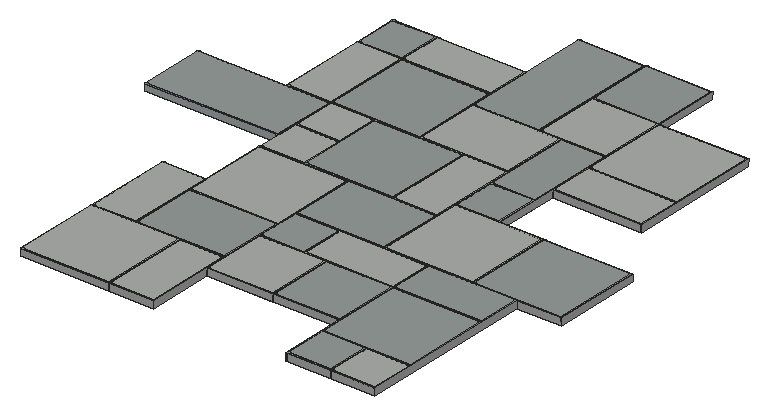
Revit family "9af5c458-e024-4ac5-85c6-063342da6070", category Site, Revit 2016
Family settings
  Part Type = Normal
  Round Connector Dimension = Use Diameter
  Work Plane-Based = No
  Always vertical = Yes
  Cut with Voids When Loaded = No
  Shared = No
Parameters (values of type "1400 Color Option 1")
  Width = 133 29/128"  # constant formula
  URL = "stepstoneinc.com"
  Type Image = <None>
  Type Comments = ""
  Surface Finish = "Integral"  # constant formula
  Subcategory = "CalArc Pavers"  # constant formula
  Revit Object Download Link = "http://library.smartbim.com/download/Paver-Assembly-Calarc_Pavers-Stepstone-Ashlar_Pattern/"
  Product Page URL = "http://www.stepstoneinc.com/pavers-calarc-brochure.php"
  Paver B Pattern = Concrete - Stepstone - Porcelain1413
  Paver A Pattern = Concrete - Stepstone - French1404
  Model = "Ashlar Pattern"  # constant formula
  Manufacturer Toll Free Phone = "800.572.9029"  # constant formula
  Manufacturer Phone = "310.327.7474"  # constant formula
  Manufacturer Fax = "310.217.1424"  # constant formula
  Manufacturer Email = "mailto:sales@stepstoneinc.com"
  Manufacturer Address = "13246 S Figueroa St, Los Angeles 9006"  # constant formula
  Manufacturer = "Stepstone, Inc."  # constant formula
  Keynote = ""
  Description = "Ashlar Pattern Guide"  # constant formula
  Depth = 145 11/16"  # constant formula
  Assembly Code = ""
Types (3): name | Revit Object Download Link | Paver B Pattern | Paver A Pattern
  (no name) | "http://library.smartbim.com/download/Paver-Assembly-Calarc_Pavers-Stepstone-Ashlar_Pattern" | Concrete - Stepstone - Porcelain1813 | Concrete - Stepstone - French1804
  1800 Color Option 1 | "http://library.smartbim.com/download/Paver-Assembly-Calarc_Pavers-Stepstone-Ashlar_Pattern" | Concrete - Stepstone - Porcelain1813 | Concrete - Stepstone - French1804
  1400 Color Option 1 | "http://library.smartbim.com/download/Paver-Assembly-Calarc_Pavers-Stepstone-Ashlar_Pattern/" | Concrete - Stepstone - Porcelain1413 | Concrete - Stepstone - French1404
Reference planes (in)
  plane 1 "Center (Front/Back)": y = 0
  plane 2: z = 0
  plane 3 "Center (Left/Right)": x = 0
  plane 4: y = 54.0625
  plane 5: y = -90.375
  plane 6: x = -69.125
  plane 7: x = 63.1875
  plane 8: z = 2
  plane 9: y = 36
  plane 10: x = 27.125
  plane 11: y = -72.375
  plane 12: x = -33.125
  plane 13: x = -9
  plane 14: x = 9
  plane 15: x = -9.125
  plane 16: x = -9
Forms (in)
  Extrusion 1, solid, material "Grout - Dark Gray"
    sketch origin (0, 0, 0) x (1, 0, 0) y (0, 0, 1)
      loop
        line (8.9541, 1.87815) -> (9, 0) -> (9.0625, 0) -> (9.1084, 1.87815) -> (8.9541, 1.87815)
    from -54 to -18
  Extrusion 2, solid, material "Grout - Dark Gray"
    sketch origin (0, 0, 0) x (1, 0, 0) y (0, 0, 1)
      loop
        line (27.0625, 0) -> (27.125, 0) -> (27.1709, 1.87815) -> (27.0166, 1.87815) -> (27.0625, 0)
    from -54 to 18.2334
  Extrusion 3, solid, material "Grout - Dark Gray"
    sketch origin (0, 0, 0) x (0, 1, 0) y (0, 0, 1)
      loop
        line (11.9375, 0) -> (12, 0) -> (12.0459, 1.87815) -> (11.8916, 1.87815) -> (11.9375, 0)
    from 27.125 to 51.125
  Extrusion 4, solid, material "Grout - Dark Gray"
    sketch origin (0, 0, 0) x (0, 1, 0) y (0, 0, 1)
      loop
        line (18.0459, 1.87815) -> (17.8916, 1.87815) -> (17.9375, 0) -> (18, 0) -> (18.0459, 1.87815)
    from -9 to 27.125
  Extrusion 5, solid, material "Grout - Dark Gray"
    sketch origin (0, 0, 0) x (0, 1, 0) y (0, 0, 1)
      loop
        line (-6.0166, 1.87815) -> (-6.1709, 1.87815) -> (-6.125, 0) -> (-6.0625, 0) -> (-6.0166, 1.87815)
    from 15.0625 to 27.0625
  Extrusion 6, solid, material "Grout - Dark Gray"
    sketch origin (0, 0, 0) x (1, 0, 0) y (0, 0, 1)
      loop
        line (39.0166, 1.87815) -> (39.0625, 0) -> (39.125, 0) -> (39.1709, 1.87815) -> (39.0166, 1.87815)
    from 18.1875 to 42.1875
  Extrusion 7, solid, material "Grout - Dark Gray"
    sketch origin (0, 0, 0) x (0, 1, 0) y (0, 0, 1)
      loop
        line (-18.0791, 1.87815) -> (-18.2334, 1.87815) -> (-18.1875, 0) -> (-18.125, 0) -> (-18.0791, 1.87815)
    from 15.0625 to 63.0791
  Extrusion 8, solid, material "Grout - Dark Gray"
    sketch origin (0, 0, 0) x (1, 0, 0) y (0, 0, 1)
      loop
        line (14.9541, 1.87815) -> (15, 0) -> (15.0625, 0) -> (15.1084, 1.87815) -> (14.9541, 1.87815)
    from -18 to 42.1875
  Extrusion 9, solid, material "Grout - Dark Gray"
    sketch origin (0, 0, 0) x (0, 1, 0) y (0, 0, 1)
      loop
        line (-0.0166, 1.87815) -> (-0.1709, 1.87815) -> (-0.125, 0) -> (-0.0625, 0) -> (-0.0166, 1.87815)
    from -45.125 to 15
  Extrusion 10, solid, material "Grout - Dark Gray"
    sketch origin (0, 0, 0) x (0, 1, 0) y (0, 0, 1)
      loop
        line (-24.08068, 1.87815) -> (-24.2334, 1.87815) -> (-24.1875, 0) -> (-24.125, 0) -> (-24.08068, 1.87815)
    from -33.05505 to 15.0625
  Extrusion 11, solid, material "Grout - Dark Gray"
    sketch origin (0, 0, 0) x (1, 0, 0) y (0, 0, 1)
      loop
        line (2.8916, 1.87815) -> (2.9375, 0) -> (3, 0) -> (3.0459, 1.87815) -> (2.8916, 1.87815)
    from 0.125 to 24.125
  Extrusion 12, solid, material "Grout - Dark Gray"
    sketch origin (0, 0, 0) x (1, 0, 0) y (0, 0, 1)
      loop
        line (-9.1084, 1.87815) -> (-9.0625, 0) -> (-9, 0) -> (-8.9541, 1.87815) -> (-9.1084, 1.87815)
    from 24.1875 to 90.26821
  Extrusion 13, solid, material "Grout - Dark Gray"
    sketch origin (0, 0, 0) x (1, 0, 0) y (0, 0, 1)
      loop
        line (-9.10682, 1.87815) -> (-9.0625, 0) -> (-9, 0) -> (-8.9541, 1.87815) -> (-9.10682, 1.87815)
    from -36 to 0.1709
  Extrusion 14, solid, material "Grout - Dark Gray"
    sketch origin (0, 0, 0) x (1, 0, 0) y (0, 0, 1)
      loop
        line (-33.1709, 1.87815) -> (-33.125, 0) -> (-33.0625, 0) -> (-33.0166, 1.87815) -> (-33.1709, 1.87815)
    from -36 to 18.125
  Extrusion 15, solid, material "Grout - Dark Gray"
    sketch origin (0, 0, 0) x (0, 1, 0) y (0, 0, 1)
      loop
        line (-42.1416, 1.87815) -> (-42.2959, 1.87815) -> (-42.25, 0) -> (-42.1875, 0) -> (-42.1416, 1.87815)
    from -9 to 63.0791
  Extrusion 16, solid, material "Grout - Dark Gray"
    sketch origin (0, 0, 0) x (1, 0, 0) y (0, 0, 1)
      loop
        line (2.95568, 1.87815) -> (3, 0) -> (3.0625, 0) -> (3.1084, 1.87815) -> (2.95568, 1.87815)
    from 42.1875 to 54.25
  Extrusion 17, solid, material "Grout - Dark Gray"
    sketch origin (0, 0, 0) x (1, 0, 0) y (0, 0, 1)
      loop
        line (27.01818, 1.87815) -> (27.0625, 0) -> (27.125, 0) -> (27.1709, 1.87815) -> (27.01818, 1.87815)
    from 42.25 to 90.3291
  Extrusion 18, solid, material "Grout - Dark Gray"
    sketch origin (0, 0, 0) x (0, 1, 0) y (0, 0, 1)
      loop
        line (-78.2666, 1.87815) -> (-78.4209, 1.87815) -> (-78.375, 0) -> (-78.3125, 0) -> (-78.2666, 1.87815)
    from 27.125 to 51.125
  Extrusion 19, solid, material "Grout - Dark Gray"
    sketch origin (0, 0, 0) x (0, 1, 0) y (0, 0, 1)
      loop
        line (-54.20573, 1.87815) -> (-54.3584, 1.87815) -> (-54.3125, 0) -> (-54.25, 0) -> (-54.20573, 1.87815)
    from -9 to 51.125
  Extrusion 20, solid, material "Grout - Dark Gray"
    sketch origin (0, 0, 0) x (0, 1, 0) y (0, 0, 1)
      loop
        line (-48.1416, 1.87815) -> (-48.2959, 1.87815) -> (-48.25, 0) -> (-48.1875, 0) -> (-48.1416, 1.87815)
    from -33.0625 to -9.0625
  Extrusion 21, solid, material "Grout - Dark Gray"
    sketch origin (0, 0, 0) x (1, 0, 0) y (0, 0, 1)
      loop
        line (8.9541, 1.87815) -> (9, 0) -> (9.0625, 0) -> (9.1084, 1.87815) -> (8.9541, 1.87815)
    from 54.3125 to 72.375
  Extrusion 22, solid, material "Grout - Dark Gray"
    sketch origin (0, 0, 0) x (0, 1, 0) y (0, 0, 1)
      loop
        line (-66.2041, 1.87815) -> (-66.3584, 1.87815) -> (-66.3125, 0) -> (-66.25, 0) -> (-66.2041, 1.87815)
    from -45.125 to -9.0625
  Extrusion 23, solid, material "Grout - Dark Gray"
    sketch origin (0, 0, 0) x (1, 0, 0) y (0, 0, 1)
      loop
        line (-21.1709, 1.87815) -> (-21.125, 0) -> (-21.0625, 0) -> (-21.0166, 1.87815) -> (-21.1709, 1.87815)
    from 66.3125 to 90.375
  Extrusion 24, solid, material "Grout - Dark Gray"
    sketch origin (0, 0, 0) x (0, 1, 0) y (0, 0, 1)
      loop
        line (-90.26821, 1.87873) -> (-90.41929, 1.87873) -> (-90.375, 0) -> (-90.3125, 0) -> (-90.26821, 1.87873)
    from -45.125 to -9.1084
  Blend 25, solid, material "Grout - Dark Gray"
    base sketch origin (0, 0, 0) x (1, 0, 0) y (0, 1, 0)
      loop
        line (-9.1084, -90.26821) -> (-9.1084, -90.375) -> (-9, -90.375) -> (-9, -90.26821) -> (-9.1084, -90.26821)
    top sketch origin (0, 0, 0) x (1, 0, 0) y (0, 1, 0)
      loop
        line (-9.1084, -90.26821) -> (-9.1084, -90.41929) -> (-8.9541, -90.41929) -> (-8.9541, -90.26821) -> (-9.1084, -90.26821)
    from 0 to 1.87815
  Extrusion 26, solid, material "Grout - Dark Gray"
    sketch origin (0, 0, 0) x (0, 1, 0) y (0, 0, 1)
      loop
        line (-72.2666, 1.87815) -> (-72.4209, 1.87815) -> (-72.375, 0) -> (-72.3125, 0) -> (-72.2666, 1.87815)
    from -9 to 27.0625
  Extrusion 27, solid, material "Grout - Dark Gray"
    sketch origin (0, 0, 0) x (0, 1, 0) y (0, 0, 1)
      loop
        line (-90.3291, 1.87815) -> (-90.4834, 1.87815) -> (-90.4375, 0) -> (-90.375, 0) -> (-90.3291, 1.87815)
    from 27.1709 to 51.0791
  Blend 28, solid, material "Grout - Dark Gray"
    base sketch origin (0, 0, 0) x (1, 0, 0) y (0, 1, 0)
      loop
        line (27.0625, -90.3291) -> (27.0625, -90.4375) -> (27.1709, -90.4375) -> (27.1709, -90.3291) -> (27.0625, -90.3291)
    top sketch origin (0, 0, 0) x (1, 0, 0) y (0, 1, 0)
      loop
        line (27.01818, -90.3291) -> (27.01818, -90.4834) -> (27.1709, -90.4834) -> (27.1709, -90.3291) -> (27.01818, -90.3291)
    from 0 to 1.87815
  Extrusion 29, solid, material "Grout - Dark Gray"
    sketch origin (0, 0, 0) x (1, 0, 0) y (0, 0, 1)
      loop
        line (51.0791, 1.87815) -> (51.125, 0) -> (51.1875, 0) -> (51.2334, 1.87815) -> (51.0791, 1.87815)
    from 42.1875 to 90.3291
  Blend 30, solid, material "Grout - Dark Gray"
    base sketch origin (0, 0, 0) x (1, 0, 0) y (0, 1, 0)
      loop
        line (51.1875, -90.3291) -> (51.0791, -90.3291) -> (51.0791, -90.4375) -> (51.1875, -90.4375) -> (51.1875, -90.3291)
    top sketch origin (0, 0, 0) x (1, 0, 0) y (0, 1, 0)
      loop
        line (51.2334, -90.3291) -> (51.0791, -90.3291) -> (51.0791, -90.4834) -> (51.2334, -90.4834) -> (51.2334, -90.3291)
    from 0 to 1.87815
  Extrusion 31, solid, material "Grout - Dark Gray"
    sketch origin (0, 0, 0) x (1, 0, 0) y (0, 0, 1)
      loop
        line (63.0791, 1.87815) -> (63.125, 0) -> (63.1875, 0) -> (63.2334, 1.87815) -> (63.0791, 1.87815)
    from 18.2334 to 42.1416
  Blend 32, solid, material "Grout - Dark Gray"
    base sketch origin (0, 0, 0) x (1, 0, 0) y (0, 1, 0)
      loop
        line (63.1875, -42.1416) -> (63.0791, -42.1416) -> (63.0791, -42.25) -> (63.1875, -42.25) -> (63.1875, -42.1416)
    top sketch origin (0, 0, 0) x (1, 0, 0) y (0, 1, 0)
      loop
        line (63.2334, -42.1416) -> (63.0791, -42.1416) -> (63.0791, -42.2959) -> (63.2334, -42.2959) -> (63.2334, -42.1416)
    from 0 to 1.87815
  Blend 33, solid, material "Grout - Dark Gray"
    base sketch origin (0, 0, 0) x (1, 0, 0) y (0, 1, 0)
      loop
        line (63.0791, -18.125) -> (63.0791, -18.2334) -> (63.1875, -18.2334) -> (63.1875, -18.125) -> (63.0791, -18.125)
    top sketch origin (0, 0, 0) x (1, 0, 0) y (0, 1, 0)
      loop
        line (63.0791, -18.0791) -> (63.0791, -18.2334) -> (63.2334, -18.2334) -> (63.2334, -18.0791) -> (63.0791, -18.0791)
    from 0 to 1.87815
  Extrusion 34, solid, material "Grout - Dark Gray"
    sketch origin (0, 0, 0) x (0, 1, 0) y (0, 0, 1)
      loop
        line (-0.01821, 1.87873) -> (-0.16929, 1.87873) -> (-0.125, 0) -> (-0.0625, 0) -> (-0.01821, 1.87873)
    from 27.125 to 51.08067
  Extrusion 35, solid, material "Grout - Dark Gray"
    sketch origin (0, 0, 0) x (1, 0, 0) y (0, 0, 1)
      loop
        line (51.08067, 1.87873) -> (51.125, 0) -> (51.1875, 0) -> (51.23183, 1.87873) -> (51.08067, 1.87873)
    from -35.9541 to 0.01821
  Blend 36, solid, material "Grout - Dark Gray"
    base sketch origin (0, 0, 0) x (1, 0, 0) y (0, 1, 0)
      loop
        line (51.1875, -0.01821) -> (51.08067, -0.01821) -> (51.08067, -0.125) -> (51.1875, -0.125) -> (51.1875, -0.01821)
    top sketch origin (0, 0, 0) x (1, 0, 0) y (0, 1, 0)
      loop
        line (51.23183, -0.01821) -> (51.08067, -0.01821) -> (51.08067, -0.16929) -> (51.23183, -0.16929) -> (51.23183, -0.01821)
    from 0 to 1.87873
  Extrusion 37, solid, material "Grout - Dark Gray"
    sketch origin (0, 0, 0) x (0, 1, 0) y (0, 0, 1)
      loop
        line (35.9541, 1.87815) -> (36, 0) -> (36.0625, 0) -> (36.1084, 1.87815) -> (35.9541, 1.87815)
    from 27.125 to 51.08067
  Blend 38, solid, material "Grout - Dark Gray"
    base sketch origin (0, 0, 0) x (1, 0, 0) y (0, 1, 0)
      loop
        line (51.08067, 36.0625) -> (51.08067, 35.9541) -> (51.1875, 35.9541) -> (51.1875, 36.0625) -> (51.08067, 36.0625)
    top sketch origin (0, 0, 0) x (1, 0, 0) y (0, 1, 0)
      loop
        line (51.08067, 36.1084) -> (51.08067, 35.9541) -> (51.23183, 35.9541) -> (51.23183, 36.1084) -> (51.08067, 36.1084)
    from 0 to 1.87815
  Extrusion 39, solid, material "Grout - Dark Gray"
    sketch origin (0, 0, 0) x (0, 1, 0) y (0, 0, 1)
      loop
        line (24.04427, 1.87815) -> (23.8916, 1.87815) -> (23.9375, 0) -> (24, 0) -> (24.04427, 1.87815)
    from -45.125 to -9
  Extrusion 40, solid, material "Grout - Dark Gray"
    sketch origin (0, -48.08213, 0) x (1, 0, 0) y (0, 0, 1)
      loop
        line (-33.1709, 1.87815) -> (-33.125, 0) -> (-33.0625, 0) -> (-33.0166, 1.87815) -> (-33.1709, 1.87815)
    from -5.83213 to 18.16787
Cuts and joins
  joined: Extrusion 1, Extrusion 2, Extrusion 3, Extrusion 4, Extrusion 5, Extrusion 6, Extrusion 7, Extrusion 8, Extrusion 9, Extrusion 10, Extrusion 11, Extrusion 12, Extrusion 13, Extrusion 14, Extrusion 15, Extrusion 16, Extrusion 17, Extrusion 18, Extrusion 19, Extrusion 20, Extrusion 21, Extrusion 22, Extrusion 23, Extrusion 24, Blend 25, Extrusion 26, Extrusion 27, Blend 28, Extrusion 29, Blend 30, Extrusion 31, Blend 32, Blend 33, Extrusion 34, Extrusion 35, Blend 36, Extrusion 37, Blend 38, Extrusion 39, Extrusion 40
Nested families (in)
  nested 1: "Paver-Large_Scale-Stepstone-CalArc-24X24X2" at (-21.0625, 11.9375, 0), Unit <- "Paver A Pattern", type "Standard"
    with Unit Concrete - Stepstone - French1404
  nested 2: "Paver-Large_Scale-Stepstone-CalArc-18X36X2" at (0, 36, 0) x (0, 1, 0) z (0, 0, 1), Unit <- "Paver A Pattern", type "Standard"
    with Unit Concrete - Stepstone - French1404
  nested 3: "Paver-Large_Scale-Stepstone-CalArc-18X18X2" at (18.0625, 45, 0), Unit <- "Paver A Pattern", type "Standard"
    with Unit Concrete - Stepstone - French1404
  nested 4: "Paver-Large_Scale-Stepstone-CalArc-18X18X2" at (18.0625, 27, 0), Unit <- "Paver B Pattern", type "Standard"
    with Unit Concrete - Stepstone - Porcelain1413
  nested 5: "Paver-Large_Scale-Stepstone-CalArc-24X24X2" at (39.125, 24, 0), Unit <- "Paver B Pattern", type "Standard"
    with Unit Concrete - Stepstone - Porcelain1413
  nested 6: "Paver-Stepstone-CalArc-12x24x2" at (39.125, 5.9375, 0), Unit <- "Paver B Pattern", type "Standard"
    with Unit Concrete - Stepstone - Porcelain1413
  nested 7: "Paver-Stepstone-CalArc-12x24x2" at (21.0625, 5.9375, 0) x (0, 1, 0) z (0, 0, 1), Unit <- "Paver A Pattern", type "Standard"
    with Unit Concrete - Stepstone - French1404
  nested 8: "Paver-Stepstone-CalArc-12x12x2" at (21.0625, -12.125, 0), Unit <- "Paver A Pattern", type "Standard"
    with Unit Concrete - Stepstone - French1404
  nested 9: "Paver-Large_Scale-Stepstone-CalArc-24X24X2" at (27.0625, -30.1875, 0), Unit <- "Paver B Pattern", type "Standard"
    with Unit Concrete - Stepstone - Porcelain1413
  nested 10: "Paver-Large_Scale-Stepstone-CalArc-24X24X2" at (51.125, -30.1875, 0), Unit <- "Paver A Pattern", type "Standard"
    with Unit Concrete - Stepstone - French1404
  nested 11: "Paver-Large_Scale-Stepstone-CalArc-18X24X2" at (3, 8.9375, 0), Unit <- "Paver B Pattern", type "Standard"
    with Unit Concrete - Stepstone - Porcelain1413
  nested 12: "Paver-Stepstone-CalArc-12x24x2" at (9, -12.125, 0) x (0, 1, 0) z (0, 0, 1), Unit <- "Paver B Pattern", type "Standard"
    with Unit Concrete - Stepstone - Porcelain1413
  nested 13: "Paver-Large_Scale-Stepstone-CalArc-18X24X2" at (3, -33.1875, 0), Unit <- "Paver A Pattern", type "Standard"
    with Unit Concrete - Stepstone - French1404
  nested 14: "Paver-Large_Scale-Stepstone-CalArc-24X24X2" at (-9.0625, -12.125, 0), Unit <- "Paver A Pattern", type "Standard"
    with Unit Concrete - Stepstone - French1404
  nested 15: "Paver-Stepstone-CalArc-12x24x2" at (-21.0625, 30, 0), Unit <- "Paver B Pattern", type "Standard"
    with Unit Concrete - Stepstone - Porcelain1413
  nested 16: "Paver-Stepstone-CalArc-12x12x2" at (-39.125, 30, 0), Unit <- "Paver A Pattern", type "Standard"
    with Unit Concrete - Stepstone - French1404
  nested 17: "Paver-Stepstone-CalArc-12x24x2" at (-39.125, 11.9375, 0) x (0, 1, 0) z (0, 0, 1), Unit <- "Paver B Pattern", type "Standard"
    with Unit Concrete - Stepstone - Porcelain1413
  nested 18: "Paver-Stepstone-CalArc-12x12x2" at (-27.0625, -6.125, 0), Unit <- "Paver B Pattern", type "Standard"
    with Unit Concrete - Stepstone - Porcelain1413
  nested 19: "Paver-Stepstone-CalArc-12x12x2" at (-27.0625, -18.125, 0), Unit <- "Paver B Pattern", type "Standard"
    with Unit Concrete - Stepstone - Porcelain1413
  nested 20: "Paver-Large_Scale-Stepstone-CalArc-18X36X2" at (-51.125, -9.125, 0), Unit <- "Paver A Pattern", type "Standard"
    with Unit Concrete - Stepstone - French1404
  nested 21: "Paver-Large_Scale-Stepstone-CalArc-24X24X2" at (-21.0625, -36.1875, 0), Unit <- "Paver B Pattern", type "Standard"
    with Unit Concrete - Stepstone - Porcelain1413
  nested 22: "Paver-Stepstone-CalArc-12x12x2" at (-3, -48.25, 0), Unit <- "Paver A Pattern", type "Standard"
    with Unit Concrete - Stepstone - French1404
  nested 23: "Paver-Stepstone-CalArc-12x24x2" at (15.0625, -48.25, 0), Unit <- "Paver B Pattern", type "Standard"
    with Unit Concrete - Stepstone - Porcelain1413
  nested 24: "Paver-Stepstone-CalArc-12x24x2" at (39.125, -48.25, 0), Unit <- "Paver A Pattern", type "Standard"
    with Unit Concrete - Stepstone - French1404
  nested 25: "Paver-Large_Scale-Stepstone-CalArc-24X24X2" at (39.125, -66.3125, 0), Unit <- "Paver A Pattern", type "Standard"
    with Unit Concrete - Stepstone - French1404
  nested 26: "Paver-Stepstone-CalArc-12x12x2" at (45.125, -84.375, 0), Unit <- "Paver B Pattern", type "Standard"
    with Unit Concrete - Stepstone - Porcelain1413
  nested 27: "Paver-Stepstone-CalArc-12x12x2" at (33.125, -84.375, 0), Unit <- "Paver A Pattern", type "Standard"
    with Unit Concrete - Stepstone - French1404
  nested 28: "Paver-Large_Scale-Stepstone-CalArc-18X18X2" at (18.0625, -63.3125, 0), Unit <- "Paver A Pattern", type "Standard"
    with Unit Concrete - Stepstone - French1404
  nested 29: "Paver-Large_Scale-Stepstone-CalArc-18X24X2" at (-21.0625, -57.25, 0), Unit <- "Paver A Pattern", type "Standard"
    with Unit Concrete - Stepstone - French1404
  nested 30: "Paver-Large_Scale-Stepstone-CalArc-18X18X2" at (0, -63.3125, 0), Unit <- "Paver B Pattern", type "Standard"
    with Unit Concrete - Stepstone - Porcelain1413
  nested 31: "Paver-Stepstone-CalArc-12x24x2" at (-15.0625, -78.3125, 0) x (0, 1, 0) z (0, 0, 1), Unit <- "Paver B Pattern", type "Standard"
    with Unit Concrete - Stepstone - Porcelain1413
  nested 32: "Paver-Large_Scale-Stepstone-CalArc-24X24X2" at (-33.125, -78.3125, 0), Unit <- "Paver B Pattern", type "Standard"
    with Unit Concrete - Stepstone - Porcelain1413
  nested 33: "Paver-Stepstone-CalArc-12x24x2" at (-39.12504, -54.25, 0.00153) x (0, 1, 0) z (0, 0, 1), Unit <- "Paver B Pattern", type "Standard"
    with Unit Concrete - Stepstone - Porcelain1413
Definition of nested family "Paver-Large_Scale-Stepstone-CalArc-24X24X2"
  Parameters
    ecoScorecard data = ""
    ecoScorecard Product Page = ""
    Weight = 0.088 kip  # constant formula
    Warranty = "5 Year Limited"  # constant formula
    Unit [instance] = none
    URL = "stepstoneinc.com"
    Thickness = 2"  # constant formula
    Texture = "Sandblast"  # constant formula
    Technical Information = "http://www.stepstoneinc.com/docs/Stepstone_Product_Data_Sheet-Large_Scale_Narrow_Modular_Paver.pdf"
    Surface Finish = "Painted"  # constant formula
    Subcategory = "Large Scale CalArc"  # constant formula
    Revit Object Download Link = "http://library.smartbim.com/download/Paver-Large_Scale-Stepstone-CalArc-24X24X2"
    Product Page URL = "http://www.stepstoneinc.com/large-scale-narrow-modular-pavers.php"
    Product Name = "Large Scale CalArc Paver"  # constant formula
    Product Line = "Pavers"  # constant formula
    Nominal Width = 24"  # constant formula
    Nominal Length = 24"  # constant formula
    Model = "24In x 24In x 2In"  # constant formula
    Material = "Precast Concrete"  # constant formula
    Manufacturer Toll Free Phone = "800.572.9029"  # constant formula
    Manufacturer Phone = "310.327.7474"  # constant formula
    Manufacturer Fax = "310.217.1424"  # constant formula
    Manufacturer Email = "mailto:sales@stepstoneinc.com"
    Manufacturer Address = "13254 S Figueroa St, Los Angeles 90061"  # constant formula
    Manufacturer = "Stepstone, Inc"  # constant formula
    Maintenance URL = ""
    Installation URL = ""
    Description = "Precast Concrete Paver"  # constant formula
    Cost Info = ""
    Color Availability = "Standard & Custom"  # constant formula
    95 CSI = ""
    04 CSI = ""
  Reference planes (in)
    plane 1 "Center Front/Back": y = 0
    plane 2: z = 0
    plane 3 "Center Left/Right": x = 0
    plane 4: x = -12
    plane 5: x = 12
    plane 6: y = 12
    plane 7: y = -12
    plane 8: z = 2
  Dimensions and locks (in)
    equal spacing: plane 4, plane 3 "Center Left/Right", plane 5
    "Nominal Width": plane 4 to plane 5
    equal spacing: plane 7, plane 1 "Center Front/Back", plane 6
    "Nominal Length": plane 6 to plane 7
    plane 5 to plane 4 = 24"
    plane 6 to plane 7 = 24"
    plane 8 to level = 2"
    aligned and locked: level to plane 2
    aligned and locked: plane 3 "Center Left/Right" to nested 1
    aligned and locked: plane 1 "Center Front/Back" to nested 1
  Nested families (in)
    nested 1: "24X24X2" at (0, 0, 0), type "24X24X2"
  Definition of nested family "24X24X2"
    Parameters
      Width = 24"
      Unit = none
      Thickness = 2"
      Depth = 24"
    Reference planes (in)
      plane 1 "Center (Front/Back)": y = 0
      plane 2: z = 0
      plane 3 "Center (Left/Right)": x = 0
      plane 4: x = -12
      plane 5: x = 12
      plane 6: y = 12
      plane 7: y = -12
      plane 8: z = 2
    Forms (in)
      Sweep 1, solid, material <- "Unit"
        path origin (0, 0, 0) x (1, 0, 0) y (0, 1, 0)
          loop
            line (-12, 12) -> (-12, -12) -> (12, -12) -> (12, 12) -> (-12, 12)
        profile origin (0, 12, 0) x (0, 1, 0) y (0, 0, 1)
          loop
            line (0, 0) -> (-0.0459, 1.87815)
            arc (-0.0459, 1.87815) -> (-0.08353, 1.96449) -> (-0.17076, 2) r 0.1249
            line (-0.17076, 2) -> (-0.27723, 2) -> (-0.27723, 0) -> (0, 0)
      Extrusion 2, solid, material <- "Unit"
        sketch origin (0, 0, 0) x (1, 0, 0) y (0, 1, 0)
          loop
            line (-11.72277, 11.72277) -> (-11.72277, -11.72277) -> (11.72277, -11.72277) -> (11.72277, 11.72277) -> (-11.72277, 11.72277)
        from 0 to 2
    Cuts and joins
      joined: Sweep 1, Extrusion 2
    Dimensions and locks (in)
      equal spacing: plane 6, plane 1 "Center (Front/Back)", plane 7
      equal spacing: plane 4, plane 3 "Center (Left/Right)", plane 5
      "Width": plane 5 to plane 4
      "Depth": plane 6 to plane 7
      "Thickness": plane 8 to level
      aligned and locked: plane 2 to level
      aligned and locked: Sweep 1 sketch curve to plane 8
    Automatic sketch dimensions
      plane 4 to Sweep 1 sketch curve = 0"
      Sweep 1 sketch curve to plane 5 = 0"
      plane 7 to Sweep 1 sketch curve = 0"
      Sweep 1 sketch curve to plane 6 = 0"
      plane 4 to Extrusion 2 sketch curve = 0.27723"
      Extrusion 2 sketch curve to plane 5 = 0.27723"
      plane 7 to Extrusion 2 sketch curve = 0.27723"
      Extrusion 2 sketch curve to plane 6 = 0.27723"
      Sweep 1 sketch curve to level = 0"
      Sweep 1 sketch curve to profile plane = 0"
      profile plane to Sweep 1 sketch curve = 0.0459"
      Sweep 1 sketch curve to Sweep 1 sketch curve = 0.12486"
      Sweep 1 sketch curve to Sweep 1 sketch curve = 0.10647"
      Sweep 1 sketch curve to Sweep 1 sketch curve = 0.00305"
Definition of nested family "Paver-Large_Scale-Stepstone-CalArc-18X36X2"
  Parameters
    ecoScorecard data = ""
    ecoScorecard Product Page = ""
    Weight = 0.10 kip  # constant formula
    Warranty = "5 Year Limited"  # constant formula
    Unit [instance] = none
    URL = "stepstoneinc.com"
    Thickness = 2"  # constant formula
    Texture = "Sandblast"  # constant formula
    Technical Information = "http://www.stepstoneinc.com/docs/Stepstone_Product_Data_Sheet-Large_Scale_Narrow_Modular_Paver.pdf"
    Surface Finish = "Painted"  # constant formula
    Subcategory = "CalArc"  # constant formula
    Revit Object Download Link = "http://library.smartbim.com/download/Paver-Large_Scale-Stepstone-CalArc-18X36X2"
    Product Page URL = "http://www.stepstoneinc.com/calarc-pavers.php"
    Product Name = "Large Scale CalArc Paver"  # constant formula
    Product Line = "Pavers"  # constant formula
    Nominal Width = 36"  # constant formula
    Nominal Length = 18"  # constant formula
    Model = "18In x 36In x 2In"  # constant formula
    Material = "Precast Concrete"  # constant formula
    Manufacturer Toll Free Phone = "800.572.9029"  # constant formula
    Manufacturer Phone = "310.327.7474"  # constant formula
    Manufacturer Fax = "310.217.1424"  # constant formula
    Manufacturer Email = "mailto:sales@stepstoneinc.com"
    Manufacturer Address = "13253 S Figueroa St, Los Angeles 90061"  # constant formula
    Manufacturer = "Stepstone, Inc"  # constant formula
    Maintenance URL = ""
    Installation URL = ""
    Description = "Precast Concrete Paver"  # constant formula
    Cost Info = ""
    Color Availability = "Standard & Custom"  # constant formula
    95 CSI = ""
    04 CSI = ""
  Reference planes (in)
    plane 1 "Center Front/Back": y = 0
    plane 2: z = 0
    plane 3 "Center Left/Right": x = 0
    plane 4: x = -18
    plane 5: x = 18
    plane 6: y = 9
    plane 7: y = -9
    plane 8: z = 2
  Dimensions and locks (in)
    equal spacing: plane 4, plane 3 "Center Left/Right", plane 5
    "Nominal Width": plane 4 to plane 5
    equal spacing: plane 7, plane 1 "Center Front/Back", plane 6
    "Nominal Length": plane 6 to plane 7
    plane 5 to plane 4 = 36"
    plane 6 to plane 7 = 18"
    plane 8 to level = 2"
    aligned and locked: level to plane 2
    aligned and locked: plane 3 "Center Left/Right" to nested 1
    aligned and locked: plane 1 "Center Front/Back" to nested 1
  Nested families (in)
    nested 1: "18X36X2" at (0, 0, 0), type "18X36X2"
  Definition of nested family "18X36X2"
    Parameters
      Width = 36"
      Unit = none
      Thickness = 2"
      Depth = 18"
    Reference planes (in)
      plane 1 "Center (Front/Back)": y = 0
      plane 2: z = 0
      plane 3 "Center (Left/Right)": x = 0
      plane 4: x = -18
      plane 5: x = 18
      plane 6: y = 9
      plane 7: y = -9
      plane 8: z = 2
    Forms (in)
      Sweep 1, solid, material <- "Unit"
        path origin (0, 0, 0) x (1, 0, 0) y (0, 1, 0)
          loop
            line (-18, 9) -> (-18, -9) -> (18, -9) -> (18, 9) -> (-18, 9)
        profile origin (0, 9, 0) x (0, 1, 0) y (0, 0, 1)
          loop
            line (0, 0) -> (-0.0459, 1.87815)
            arc (-0.0459, 1.87815) -> (-0.08353, 1.96449) -> (-0.17076, 2) r 0.1249
            line (-0.17076, 2) -> (-0.27723, 2) -> (-0.27723, 0) -> (0, 0)
      Extrusion 2, solid, material <- "Unit"
        sketch origin (0, 0, 0) x (1, 0, 0) y (0, 1, 0)
          loop
            line (-17.72277, 8.72277) -> (-17.72277, -8.72277) -> (17.72277, -8.72277) -> (17.72277, 8.72277) -> (-17.72277, 8.72277)
        from 0 to 2
    Cuts and joins
      joined: Sweep 1, Extrusion 2
    Dimensions and locks (in)
      equal spacing: plane 6, plane 1 "Center (Front/Back)", plane 7
      equal spacing: plane 4, plane 3 "Center (Left/Right)", plane 5
      "Width": plane 5 to plane 4
      "Depth": plane 6 to plane 7
      "Thickness": plane 8 to level
      aligned and locked: plane 2 to level
      aligned and locked: Sweep 1 sketch curve to plane 8
    Automatic sketch dimensions
      plane 4 to Sweep 1 sketch curve = 0"
      Sweep 1 sketch curve to plane 5 = 0"
      plane 7 to Sweep 1 sketch curve = 0"
      Sweep 1 sketch curve to plane 6 = 0"
      plane 4 to Extrusion 2 sketch curve = 0.27723"
      Extrusion 2 sketch curve to plane 5 = 0.27723"
      plane 7 to Extrusion 2 sketch curve = 0.27723"
      Extrusion 2 sketch curve to plane 6 = 0.27723"
      Sweep 1 sketch curve to level = 0"
      Sweep 1 sketch curve to profile plane = 0"
      profile plane to Sweep 1 sketch curve = 0.0459"
      Sweep 1 sketch curve to Sweep 1 sketch curve = 0.12486"
      Sweep 1 sketch curve to Sweep 1 sketch curve = 0.10647"
      Sweep 1 sketch curve to Sweep 1 sketch curve = 0.00305"
Definition of nested family "Paver-Large_Scale-Stepstone-CalArc-18X18X2"
  Parameters
    ecoScorecard data = ""
    ecoScorecard Product Page = ""
    Weight = 0.05 kip  # constant formula
    Warranty = "5 Year Limited"  # constant formula
    Unit [instance] = none
    URL = "stepstoneinc.com"
    Thickness = 2"  # constant formula
    Texture = "Sandblast"  # constant formula
    Technical Information = "http://www.stepstoneinc.com/docs/Stepstone_Product_Data_Sheet-Large_Scale_Narrow_Modular_Paver.pdf"
    Surface Finish = "Painted"  # constant formula
    Subcategory = "CalArc"  # constant formula
    Revit Object Download Link = "http://library.smartbim.com/download/Paver-Large_Scale-Stepstone-CalArc-18X18X2"
    Product Page URL = "http://www.stepstoneinc.com/calarc-pavers.php"
    Product Name = "Large Scale CalArc Paver"  # constant formula
    Product Line = "Pavers"  # constant formula
    Nominal Width = 18"  # constant formula
    Nominal Length = 18"  # constant formula
    Model = "18In x 18In x 2In"  # constant formula
    Material = "Precast Concrete"  # constant formula
    Manufacturer Toll Free Phone = "800.572.9029"  # constant formula
    Manufacturer Phone = "310.327.7474"  # constant formula
    Manufacturer Fax = "310.217.1424"  # constant formula
    Manufacturer Email = "mailto:sales@stepstoneinc.com"
    Manufacturer Address = "13251 S Figueroa St, Los Angeles 90061"  # constant formula
    Manufacturer = "Stepstone, Inc"  # constant formula
    Maintenance URL = ""
    Installation URL = ""
    Description = "Precast Concrete Paver"  # constant formula
    Cost Info = ""
    Color Availability = "Standard & Custom"  # constant formula
    95 CSI = ""
    04 CSI = ""
  Reference planes (in)
    plane 1 "Center Front/Back": y = 0
    plane 2: z = 0
    plane 3 "Center Left/Right": x = 0
    plane 4: x = -9
    plane 5: x = 9
    plane 6: y = 9
    plane 7: y = -9
    plane 8: z = 2
  Dimensions and locks (in)
    equal spacing: plane 4, plane 3 "Center Left/Right", plane 5
    "Nominal Width": plane 4 to plane 5
    equal spacing: plane 7, plane 1 "Center Front/Back", plane 6
    "Nominal Length": plane 6 to plane 7
    plane 5 to plane 4 = 18"
    plane 6 to plane 7 = 18"
    plane 8 to level = 2"
    aligned and locked: level to plane 2
    aligned and locked: plane 3 "Center Left/Right" to nested 1
    aligned and locked: plane 1 "Center Front/Back" to nested 1
  Nested families (in)
    nested 1: "18X18X2" at (0, 0, 0), type "18X18X2"
  Definition of nested family "18X18X2"
    Parameters
      Width = 18"
      Unit = none
      Thickness = 2"
      Depth = 18"
    Reference planes (in)
      plane 1 "Center (Front/Back)": y = 0
      plane 2: z = 0
      plane 3 "Center (Left/Right)": x = 0
      plane 4: x = -9
      plane 5: x = 9
      plane 6: y = 9
      plane 7: y = -9
      plane 8: z = 2
    Forms (in)
      Sweep 1, solid, material <- "Unit"
        path origin (0, 0, 0) x (1, 0, 0) y (0, 1, 0)
          loop
            line (-9, 9) -> (-9, -9) -> (9, -9) -> (9, 9) -> (-9, 9)
        profile origin (0, 9, 0) x (0, 1, 0) y (0, 0, 1)
          loop
            line (0, 0) -> (-0.0459, 1.87815)
            arc (-0.0459, 1.87815) -> (-0.08353, 1.96449) -> (-0.17076, 2) r 0.1249
            line (-0.17076, 2) -> (-0.27723, 2) -> (-0.27723, 0) -> (0, 0)
      Extrusion 2, solid, material <- "Unit"
        sketch origin (0, 0, 0) x (1, 0, 0) y (0, 1, 0)
          loop
            line (-8.72277, 8.72277) -> (-8.72277, -8.72277) -> (8.72277, -8.72277) -> (8.72277, 8.72277) -> (-8.72277, 8.72277)
        from 0 to 2
    Cuts and joins
      joined: Sweep 1, Extrusion 2
    Dimensions and locks (in)
      equal spacing: plane 6, plane 1 "Center (Front/Back)", plane 7
      equal spacing: plane 4, plane 3 "Center (Left/Right)", plane 5
      "Width": plane 5 to plane 4
      "Depth": plane 6 to plane 7
      "Thickness": plane 8 to level
      aligned and locked: plane 2 to level
      aligned and locked: Sweep 1 sketch curve to plane 8
    Automatic sketch dimensions
      plane 4 to Sweep 1 sketch curve = 0"
      Sweep 1 sketch curve to plane 5 = 0"
      plane 7 to Sweep 1 sketch curve = 0"
      Sweep 1 sketch curve to plane 6 = 0"
      plane 4 to Extrusion 2 sketch curve = 0.27723"
      Extrusion 2 sketch curve to plane 5 = 0.27723"
      plane 7 to Extrusion 2 sketch curve = 0.27723"
      Extrusion 2 sketch curve to plane 6 = 0.27723"
      Sweep 1 sketch curve to level = 0"
      Sweep 1 sketch curve to profile plane = 0"
      profile plane to Sweep 1 sketch curve = 0.0459"
      Sweep 1 sketch curve to Sweep 1 sketch curve = 0.12486"
      Sweep 1 sketch curve to Sweep 1 sketch curve = 0.10647"
      Sweep 1 sketch curve to Sweep 1 sketch curve = 0.00305"
Definition of nested family "Paver-Stepstone-CalArc-12x24x2"
  Parameters
    ecoScorecard data = ""
    ecoScorecard Product Page = ""
    Weight = 0.056 kip  # constant formula
    Warranty = "5 Year Limited"  # constant formula
    Unit [instance] = none
    URL = "stepstoneinc.com"
    Thickness = 2"  # constant formula
    Texture = "Sandblast"  # constant formula
    Technical Information = "http://www.stepstoneinc.com/docs/Stepstone_Product_Data_Sheet-California_Architectual_(CalArc)_Paver.pdf"
    Surface Finish = "Painted"  # constant formula
    Subcategory = "CalArc"  # constant formula
    Revit Object Download Link = "http://library.smartbim.com/download/Paver-Stepstone-CalArc-12x24x2"
    Product Page URL = "http://www.stepstoneinc.com/calarc-pavers.php"
    Product Name = "Large Scale CalArc Paver"  # constant formula
    Product Line = "Pavers"  # constant formula
    Nominal Width = 24"  # constant formula
    Nominal Length = 12"  # constant formula
    Model = "12In x 24In x 2In"  # constant formula
    Material = "Precast Concrete"  # constant formula
    Manufacturer Toll Free Phone = "800.572.9029"  # constant formula
    Manufacturer Phone = "310.327.7474"  # constant formula
    Manufacturer Fax = "310.217.1424"  # constant formula
    Manufacturer Email = "mailto:sales@stepstoneinc.com"
    Manufacturer Address = "13249 S Figueroa St, Los Angeles 90061"  # constant formula
    Manufacturer = "Stepstone, Inc"  # constant formula
    Maintenance URL = ""
    Installation URL = ""
    Description = "Precast Concrete Paver"  # constant formula
    Cost Info = ""
    Color Availability = "Standard & Custom"  # constant formula
    95 CSI = ""
    04 CSI = ""
  Reference planes (in)
    plane 1 "Center Front/Back": y = 0
    plane 2: z = 0
    plane 3 "Center Left/Right": x = 0
    plane 4: x = -12
    plane 5: x = 12
    plane 6: y = 6
    plane 7: y = -6
    plane 8: z = 2
  Dimensions and locks (in)
    equal spacing: plane 4, plane 3 "Center Left/Right", plane 5
    "Nominal Width": plane 4 to plane 5
    equal spacing: plane 7, plane 1 "Center Front/Back", plane 6
    "Nominal Length": plane 6 to plane 7
    plane 5 to plane 4 = 24"
    plane 6 to plane 7 = 12"
    "Thickness": plane 8 to level
    aligned and locked: level to plane 2
    aligned and locked: plane 3 "Center Left/Right" to nested 1
    aligned and locked: plane 1 "Center Front/Back" to nested 1
  Nested families (in)
    nested 1: "12X24X2" at (0, 0, 0), type "12X24X2"
  Definition of nested family "12X24X2"
    Parameters
      Width = 24"
      Unit = none
      Depth = 12"
    Reference planes (in)
      plane 1 "Center (Front/Back)": y = 0
      plane 2: z = 0
      plane 3 "Center (Left/Right)": x = 0
      plane 4: x = -12
      plane 5: x = 12
      plane 6: y = 6
      plane 7: y = -6
    Forms (in)
      Sweep 1, solid, material <- "Unit"
        path origin (0, 0, 0) x (1, 0, 0) y (0, 1, 0)
          loop
            line (-12, 6) -> (-12, -6) -> (12, -6) -> (12, 6) -> (-12, 6)
        profile origin (0, 6, 0) x (0, 1, 0) y (0, 0, 1)
          loop
            line (0, 0) -> (-0.0459, 1.87815)
            arc (-0.0459, 1.87815) -> (-0.08353, 1.96449) -> (-0.17076, 2) r 0.1249
            line (-0.17076, 2) -> (-0.26501, 2) -> (-0.26501, 0) -> (0, 0)
      Extrusion 2, solid, material <- "Unit"
        sketch origin (0, 0, 0) x (1, 0, 0) y (0, 1, 0)
          loop
            line (-11.73499, 5.73499) -> (-11.73499, -5.73499) -> (11.73499, -5.73499) -> (11.73499, 5.73499) -> (-11.73499, 5.73499)
        from 0 to 2
    Cuts and joins
      joined: Sweep 1, Extrusion 2
    Dimensions and locks (in)
      equal spacing: plane 6, plane 1 "Center (Front/Back)", plane 7
      equal spacing: plane 4, plane 3 "Center (Left/Right)", plane 5
      "Width": plane 5 to plane 4
      "Depth": plane 6 to plane 7
      aligned and locked: plane 2 to level
    Automatic sketch dimensions
      plane 4 to Sweep 1 sketch curve = 0"
      Sweep 1 sketch curve to plane 5 = 0"
      plane 7 to Sweep 1 sketch curve = 0"
      Sweep 1 sketch curve to plane 6 = 0"
      plane 4 to Extrusion 2 sketch curve = 0.26501"
      Extrusion 2 sketch curve to plane 5 = 0.26501"
      plane 7 to Extrusion 2 sketch curve = 0.26501"
      Extrusion 2 sketch curve to plane 6 = 0.26501"
      Sweep 1 sketch curve to level = 0"
      Sweep 1 sketch curve to profile plane = 0"
      profile plane to Sweep 1 sketch curve = 0.0459"
      Sweep 1 sketch curve to Sweep 1 sketch curve = 0.12486"
      Sweep 1 sketch curve to Sweep 1 sketch curve = 0.09425"
      level to Sweep 1 sketch curve = 1.8751"
      Sweep 1 sketch curve to Sweep 1 sketch curve = 0.00305"
Definition of nested family "Paver-Stepstone-CalArc-12x12x2"
  Parameters
    ecoScorecard data = ""
    ecoScorecard Product Page = ""
    Weight = 0.028 kip  # constant formula
    Warranty = "5 Year Limited"  # constant formula
    Unit [instance] = none
    URL = "stepstoneinc.com"
    Thickness = 2"  # constant formula
    Texture = "Sandblast"  # constant formula
    Technical Information = "http://www.stepstoneinc.com/docs/Stepstone_Product_Data_Sheet-California_Architectual_(CalArc)_Paver.pdf"
    Surface Finish = "Painted"  # constant formula
    Subcategory = "CalArc"  # constant formula
    Revit Object Download Link = "http://library.smartbim.com/download/Paver-Stepstone-CalArc-12x12x2"
    Product Page URL = "http://www.stepstoneinc.com/calarc-pavers.php"
    Product Name = "Large Scale CalArc Paver"  # constant formula
    Product Line = "Pavers"  # constant formula
    Nominal Width = 12"  # constant formula
    Nominal Length = 12"  # constant formula
    Model = "12In x 12In x 2In"  # constant formula
    Material = "Precast Concrete"  # constant formula
    Manufacturer Toll Free Phone = "800.572.9029"  # constant formula
    Manufacturer Phone = "310.327.7474"  # constant formula
    Manufacturer Fax = "310.217.1424"  # constant formula
    Manufacturer Email = "mailto:sales@stepstoneinc.com"
    Manufacturer Address = "13247 S Figueroa St, Los Angeles 90061"  # constant formula
    Manufacturer = "Stepstone, Inc"  # constant formula
    Maintenance URL = ""
    Installation URL = ""
    Description = "Precast Concrete Paver"  # constant formula
    Cost Info = ""
    Color Availability = "Standard & Custom"  # constant formula
    95 CSI = ""
    04 CSI = ""
  Reference planes (in)
    plane 1 "Center Front/Back": y = 0
    plane 2: z = 0
    plane 3 "Center Left/Right": x = 0
    plane 4: x = -6
    plane 5: x = 6
    plane 6: y = 6
    plane 7: y = -6
    plane 8: z = 2
  Dimensions and locks (in)
    equal spacing: plane 4, plane 3 "Center Left/Right", plane 5
    "Nominal Width": plane 4 to plane 5
    equal spacing: plane 7, plane 1 "Center Front/Back", plane 6
    "Nominal Length": plane 6 to plane 7
    plane 5 to plane 4 = 12"
    plane 6 to plane 7 = 12"
    "Thickness": plane 8 to level
    aligned and locked: level to plane 2
    aligned and locked: plane 3 "Center Left/Right" to nested 1
    aligned and locked: plane 1 "Center Front/Back" to nested 1
  Nested families (in)
    nested 1: "12X12X2" at (0, 0, 0), type "12X12X2"
  Definition of nested family "12X12X2"
    Parameters
      Width = 12"
      Unit = none
      Depth = 12"
    Reference planes (in)
      plane 1 "Center (Front/Back)": y = 0
      plane 2: z = 0
      plane 3 "Center (Left/Right)": x = 0
      plane 4: x = -6
      plane 5: x = 6
      plane 6: y = 6
      plane 7: y = -6
    Forms (in)
      Sweep 1, solid, material <- "Unit"
        path origin (0, 0, 0) x (1, 0, 0) y (0, 1, 0)
          loop
            line (-6, 6) -> (-6, -6) -> (6, -6) -> (6, 6) -> (-6, 6)
        profile origin (0, 6, 0) x (0, 1, 0) y (0, 0, 1)
          loop
            line (0, 0) -> (-0.0459, 1.87815)
            arc (-0.0459, 1.87815) -> (-0.08353, 1.96449) -> (-0.17076, 2) r 0.1249
            line (-0.17076, 2) -> (-0.26501, 2) -> (-0.26501, 0) -> (0, 0)
      Extrusion 2, solid, material <- "Unit"
        sketch origin (0, 0, 0) x (1, 0, 0) y (0, 1, 0)
          loop
            line (-5.73499, 5.73499) -> (-5.73499, -5.73499) -> (5.73499, -5.73499) -> (5.73499, 5.73499) -> (-5.73499, 5.73499)
        from 0 to 2
    Cuts and joins
      joined: Sweep 1, Extrusion 2
    Dimensions and locks (in)
      equal spacing: plane 6, plane 1 "Center (Front/Back)", plane 7
      equal spacing: plane 4, plane 3 "Center (Left/Right)", plane 5
      "Width": plane 5 to plane 4
      "Depth": plane 6 to plane 7
      aligned and locked: plane 2 to level
    Automatic sketch dimensions
      plane 4 to Sweep 1 sketch curve = 0"
      Sweep 1 sketch curve to plane 5 = 0"
      plane 7 to Sweep 1 sketch curve = 0"
      Sweep 1 sketch curve to plane 6 = 0"
      plane 4 to Extrusion 2 sketch curve = 0.26501"
      Extrusion 2 sketch curve to plane 5 = 0.26501"
      plane 7 to Extrusion 2 sketch curve = 0.26501"
      Extrusion 2 sketch curve to plane 6 = 0.26501"
      Sweep 1 sketch curve to level = 0"
      Sweep 1 sketch curve to profile plane = 0"
      profile plane to Sweep 1 sketch curve = 0.0459"
      Sweep 1 sketch curve to Sweep 1 sketch curve = 0.12486"
      Sweep 1 sketch curve to Sweep 1 sketch curve = 0.09425"
      level to Sweep 1 sketch curve = 1.8751"
      Sweep 1 sketch curve to Sweep 1 sketch curve = 0.00305"
Definition of nested family "Paver-Large_Scale-Stepstone-CalArc-18X24X2"
  Parameters
    ecoScorecard data = ""
    ecoScorecard Product Page = ""
    Weight = 0.066 kip  # constant formula
    Warranty = "5 Year Limited"  # constant formula
    Unit [instance] = none
    URL = "stepstoneinc.com"
    Thickness = 2"  # constant formula
    Texture = "Sandblast"  # constant formula
    Technical Information = "http://www.stepstoneinc.com/docs/Stepstone_Product_Data_Sheet-Large_Scale_Narrow_Modular_Paver.pdf"
    Surface Finish = "Painted"  # constant formula
    Subcategory = "CalArc"  # constant formula
    Revit Object Download Link = "http://library.smartbim.com/download/Paver-Large_Scale-Stepstone-CalArc-18X24X2"
    Product Page URL = "http://www.stepstoneinc.com/calarc-pavers.php"
    Product Name = "Large Scale CalArc Paver"  # constant formula
    Product Line = "Pavers"  # constant formula
    Nominal Width = 24"  # constant formula
    Nominal Length = 18"  # constant formula
    Model = "18In x 24In x 2In"  # constant formula
    Material = "Precast Concrete"  # constant formula
    Manufacturer Toll Free Phone = "800.572.9029"  # constant formula
    Manufacturer Phone = "310.327.7474"  # constant formula
    Manufacturer Fax = "310.217.1424"  # constant formula
    Manufacturer Email = "mailto:sales@stepstoneinc.com"
    Manufacturer Address = "13252 S Figueroa St, Los Angeles 90061"  # constant formula
    Manufacturer = "Stepstone, Inc"  # constant formula
    Maintenance URL = ""
    Installation URL = ""
    Description = "Precast Concrete Paver"  # constant formula
    Cost Info = ""
    Color Availability = "Standard & Custom"  # constant formula
    95 CSI = ""
    04 CSI = ""
  Reference planes (in)
    plane 1 "Center Front/Back": y = 0
    plane 2: z = 0
    plane 3 "Center Left/Right": x = 0
    plane 4: x = -12
    plane 5: x = 12
    plane 6: y = 9
    plane 7: y = -9
    plane 8: z = 2
  Dimensions and locks (in)
    equal spacing: plane 4, plane 3 "Center Left/Right", plane 5
    "Nominal Width": plane 4 to plane 5
    equal spacing: plane 7, plane 1 "Center Front/Back", plane 6
    "Nominal Length": plane 6 to plane 7
    plane 5 to plane 4 = 24"
    plane 6 to plane 7 = 18"
    plane 8 to level = 2"
    aligned and locked: level to plane 2
    aligned and locked: plane 3 "Center Left/Right" to nested 1
    aligned and locked: plane 1 "Center Front/Back" to nested 1
  Nested families (in)
    nested 1: "18X24X2" at (0, 0, 0), type "18X24X2"
  Definition of nested family "18X24X2"
    Parameters
      Width = 24"
      Unit = none
      Thickness = 2"
      Depth = 18"
    Reference planes (in)
      plane 1 "Center (Front/Back)": y = 0
      plane 2: z = 0
      plane 3 "Center (Left/Right)": x = 0
      plane 4: x = -12
      plane 5: x = 12
      plane 6: y = 9
      plane 7: y = -9
      plane 8: z = 2
    Forms (in)
      Sweep 1, solid, material <- "Unit"
        path origin (0, 0, 0) x (1, 0, 0) y (0, 1, 0)
          loop
            line (-12, 9) -> (-12, -9) -> (12, -9) -> (12, 9) -> (-12, 9)
        profile origin (0, 9, 0) x (0, 1, 0) y (0, 0, 1)
          loop
            line (0, 0) -> (-0.0459, 1.87815)
            arc (-0.0459, 1.87815) -> (-0.08353, 1.96449) -> (-0.17076, 2) r 0.1249
            line (-0.17076, 2) -> (-0.27723, 2) -> (-0.27723, 0) -> (0, 0)
      Extrusion 2, solid, material <- "Unit"
        sketch origin (0, 0, 0) x (1, 0, 0) y (0, 1, 0)
          loop
            line (-11.72277, 8.72277) -> (-11.72277, -8.72277) -> (11.72277, -8.72277) -> (11.72277, 8.72277) -> (-11.72277, 8.72277)
        from 0 to 2
    Cuts and joins
      joined: Sweep 1, Extrusion 2
    Dimensions and locks (in)
      equal spacing: plane 6, plane 1 "Center (Front/Back)", plane 7
      equal spacing: plane 4, plane 3 "Center (Left/Right)", plane 5
      "Width": plane 5 to plane 4
      "Depth": plane 6 to plane 7
      "Thickness": plane 8 to level
      aligned and locked: plane 2 to level
      aligned and locked: Sweep 1 sketch curve to plane 8
    Automatic sketch dimensions
      plane 4 to Sweep 1 sketch curve = 0"
      Sweep 1 sketch curve to plane 5 = 0"
      plane 7 to Sweep 1 sketch curve = 0"
      Sweep 1 sketch curve to plane 6 = 0"
      plane 4 to Extrusion 2 sketch curve = 0.27723"
      Extrusion 2 sketch curve to plane 5 = 0.27723"
      plane 7 to Extrusion 2 sketch curve = 0.27723"
      Extrusion 2 sketch curve to plane 6 = 0.27723"
      Sweep 1 sketch curve to level = 0"
      Sweep 1 sketch curve to profile plane = 0"
      profile plane to Sweep 1 sketch curve = 0.0459"
      Sweep 1 sketch curve to Sweep 1 sketch curve = 0.12486"
      Sweep 1 sketch curve to Sweep 1 sketch curve = 0.10647"
      Sweep 1 sketch curve to Sweep 1 sketch curve = 0.00305"
